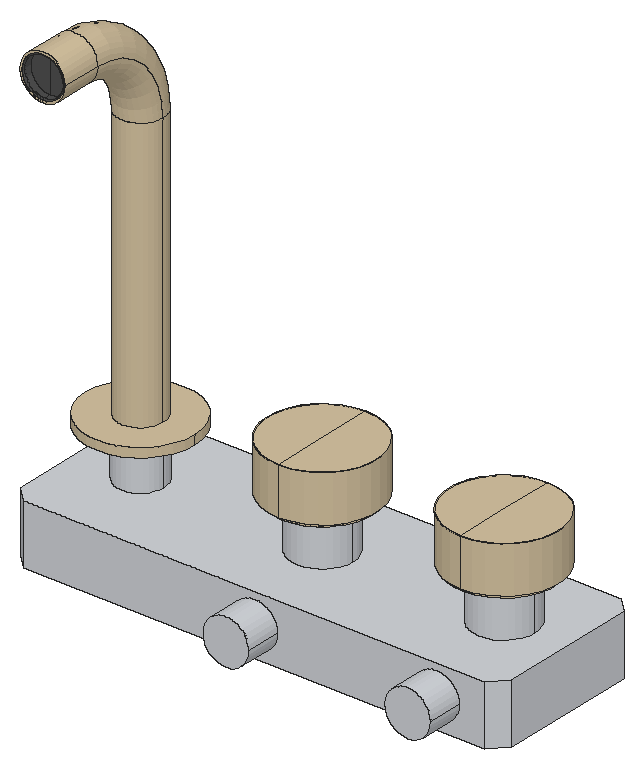
Revit family "Reece_Tap_Milli_Pure_Basin Tap Hostess System_200 mm_Cirque Texture", category Plumbing Fixtures, host Face, Revit 2018
Family settings
  Host = Face
  Round Connector Dimension = Use Diameter
  Part Type = Normal
  Cut with Voids When Loaded = No
  Shared = Yes
  Room Calculation Point = Yes
Parameters (values of type "PVD Brushed Gold")
  WFU = 0  # constant formula
  URL = "https://www.reece.com.au/product/-9510878"
  Type Comments = "Tap"
  Reece_Tap_Reach = 200 mm  # constant formula
  Reece_Tap_Inlet = 15 mm  # constant formula
  Reece_Product_Web Page = "https://www.reece.com.au/product/-9510878"
  Reece_Product_Type = "Tap"  # constant formula
  Reece_Product_Sub Brand = "Pure"  # constant formula
  Reece_Product_Number = "9510878"
  Reece_Product_Mount = "Wall Mounted"
  Reece_Product_Description = "Milli Pure Wall Basin Hostess System 200mm Right Hand with Cirque Textured Handles PVD Brushed Gold (3 Star)"
  Reece_Product_Brand = "Milli"  # constant formula
  Reece_Overall_Length = 212.5 mm  # constant formula
  Reece_Material_Secondary = Reece_PVD_Brushed Gold_Cirque Pattern
  Reece_Material_Main = Reece_PVD_Brushed Gold
  Reece_Detail_Tap_Handle Texture = "Cirque Texture"  # constant formula
  Reece_Detail_Installation = ""
  Reece_Detail_Disclaimer = "THIS FILE IS THE PROPERTY OF THE REECE GROUP. IT MAY NOT BE REPRODUCED, REVERSE-ENGINEERED OR MODIFIED. ANY REPUBLICATION, TRANSMISSION OR DISTRIBUTION FOR THE PURPOSE OF COMMERCIALLY EXPLOITING THE FILES IS PROHIBITED."  # constant formula
  Reece_Detail_Connector = ""
  Reece_Detail_Additional = "Basin Tap Hostess System\r\n"  # constant formula
  Reece_3D Texture = no
  Reece_3D Simplified Geometry = not(Reece_3D Texture)  # yes
  Model = "Pure"
  Manufacturer = "Milli"
  Keynote = "Product #9510878, Reece_Tap_Milli_Pure_Basin Tap Hostess System_200 mm_Cirque Texture - PVD Brushed Gold"
  HWFU = 0  # constant formula
  Disclaimer = "THIS FILE IS THE PROPERTY OF THE REECE GROUP. IT MAY NOT BE REPRODUCED, REVERSE-ENGINEERED OR MODIFIED. ANY REPUBLICATION, TRANSMISSION OR DISTRIBUTION FOR THE PURPOSE OF COMMERCIALLY EXPLOITING THE FILES IS PROHIBITED."  # constant formula
  Description = "Milli Pure Wall Basin Hostess System 200mm Right Hand with Cirque Textured Handles PVD Brushed Gold (3 Star)"
  Default Elevation = 1000 mm
  CWFU = 0  # constant formula
Types (6, lengths in mm): name | URL | Reece_Product_Web Page | Reece_Product_Number | Reece_Product_Description | Reece_Material_Secondary | Reece_Material_Main | Keynote | Description
  Brushed Gunmetal | "https://www.reece.com.au/product/-2224868" | "https://www.reece.com.au/product/-2224868" | "2224868" | "Milli Pure Wall Basin Hostess System 200mm Right Hand with Cirque Textured Handles Brushed Gunmetal (3 star)" | Reece_Brass_Brushed Gunmetal_Cirque Pattern | Reece_Brass_Brushed Gunmetal | "Product #2224868, Reece_Tap_Milli_Pure_Basin Tap Hostess System_200 mm_Cirque Texture - Brushed Gunmetal" | "Milli Pure Wall Basin Hostess System 200mm Right Hand with Cirque Textured Handles Brushed Gunmetal (3 star)"
  Chrome | "https://www.reece.com.au/product/-2224866" | "https://www.reece.com.au/product/-2224866" | "2224866" | "Milli Pure Wall Basin Hostess System 200mm Right Hand with Cirque Textured Handles Chrome (3 star)" | Reece_Brass_Chrome_Cirque Pattern | Reece_Brass_Chrome | "Product #2224866, Reece_Tap_Milli_Pure_Basin Tap Hostess System_200 mm_Cirque Texture - Chrome" | "Milli Pure Wall Basin Hostess System 200mm Right Hand with Cirque Textured Handles Chrome (3 star)"
  Matte Black | "https://www.reece.com.au/product/-2224869" | "https://www.reece.com.au/product/-2224869" | "2224869" | "Milli Pure Wall Basin Hostess System 200mm Right Hand with Cirque Textured Handles Matte Black (3 star)" | Reece_Brass_Matte Black_Cirque Pattern | Reece_Brass_Matte Black | "Product #2224869, Reece_Tap_Milli_Pure_Basin Tap Hostess System_200 mm_Cirque Texture - Matte Black" | "Milli Pure Wall Basin Hostess System 200mm Right Hand with Cirque Textured Handles Matte Black (3 star)"
  Brushed Nickel | "https://www.reece.com.au/product/-2224867" | "https://www.reece.com.au/product/-2224867" | "2224867" | "Milli Pure Wall Basin Hostess System 200mm Right Hand with Cirque Textured Handles Brushed Nickel (3 star)" | Reece_Brass_Brushed Nickel_Cirque Pattern | Reece_Brass_Brushed Nickel | "Product #2224867, Reece_Tap_Milli_Pure_Basin Tap Hostess System_200 mm_Cirque Texture - Brushed Nickel" | "Milli Pure Wall Basin Hostess System 200mm Right Hand with Cirque Textured Handles Brushed Nickel (3 star)"
  PVD Brushed Bronze | "https://www.reece.com.au/product/-9511063" | "https://www.reece.com.au/product/-9511063" | "9511063" | "Milli Pure Wall Basin Hostess System 200mm Right Hand with Cirque Textured Handles PVD Brushed Bronze (3 Star)" | Reece_PVD_Brushed Bronze_Cirque Pattern | Reece_PVD_Brushed Bronze | "Product #9511063, Reece_Tap_Milli_Pure_Basin Tap Hostess System_200 mm_Cirque Texture - PVD Brushed Bronze" | "Milli Pure Wall Basin Hostess System 200mm Right Hand with Cirque Textured Handles PVD Brushed Bronze (3 Star)"
  PVD Brushed Gold | "https://www.reece.com.au/product/-9510878" | "https://www.reece.com.au/product/-9510878" | "9510878" | "Milli Pure Wall Basin Hostess System 200mm Right Hand with Cirque Textured Handles PVD Brushed Gold (3 Star)" | Reece_PVD_Brushed Gold_Cirque Pattern | Reece_PVD_Brushed Gold | "Product #9510878, Reece_Tap_Milli_Pure_Basin Tap Hostess System_200 mm_Cirque Texture - PVD Brushed Gold" | "Milli Pure Wall Basin Hostess System 200mm Right Hand with Cirque Textured Handles PVD Brushed Gold (3 Star)"
Reference planes
  plane 1 "Center (Front/Back)": y = 0
  plane 2 "Bottom": z = 0
  plane 3 "Center (Left/Right)": x = 0
  plane 4 "Top": z = 212.5
  plane 5: z = 200
  plane 6: y = -67
  plane 7: x = -100
  plane 8: x = 100
Forms (mm)
  Extrusion 1, solid, material "Reece_PVD_Brushed Gold" <- "Reece_Material_Main"
    sketch origin (-50, 0, 0) x (1, 0, 0) y (0, 1, 0)
      loop
        circle (-50, 0) r 30
    from 0 to 5
  Extrusion 2, solid, material "Reece_PVD_Brushed Gold" <- "Reece_Material_Main"
    sketch origin (-50, 0, 0) x (1, 0, 0) y (0, 1, 0)
      loop
        circle (50, 0) r 28
    from 1.5 to 0
  Sweep 3, solid, material "Reece_PVD_Brushed Gold" <- "Reece_Material_Main"
    path origin (0, 0, 0) x (0, 1, 0) y (0, 0, 1)
      loop
        line (-67, 200) -> (-45, 200)
        arc (-45, 200) -> (-13.18, 186.82) -> (0, 155) r 45
        line (0, 155) -> (0, 0)
    profile origin (0, 0, 77.5) x (1, 0, 0) y (0, 1, 0)
      loop
        circle (-100, 0) r 12.5
      loop
        circle (-100, 0) r 11.5
  Revolve 4, solid, material "Reece_Brass_Matte Black"
    sketch origin (-100, -183.21, 68.488) x (0, 0.572951, -0.81959) y (0, 0.81959, 0.572951)
      loop
        line (-38.39, 174.619) -> (-37.119, 176.437) -> (-46.38, 182.911) -> (-50.465, 177.068) -> (-49.461, 177.508) -> (-47.184, 180.766) -> (-38.39, 174.619)
      axis (-37.119, 176.437) -> (-41.203, 170.594)
    angle from 0 to 360
  Extrusion 5, solid
    sketch origin (0, 0, 0) x (1, 0, 0) y (0, 1, 0)
      loop
        line (-126.853, 46.5) -> (-135, 38.353) -> (-135, -38.353) -> (-126.853, -46.5) -> (126.853, -46.5) -> (135, -38.353) -> (135, 38.353) -> (126.853, 46.5) -> (-126.853, 46.5)
    from -60 to -27
  Extrusion 6, solid
    sketch origin (50, 0, -3.5) x (-1, 0, 0) y (0, 0, 1)
      loop
        circle (50, -40) r 12.5
    from -66.119 to -46.5
  Extrusion 7, solid
    sketch origin (150, 0, -3.5) x (-1, 0, 0) y (0, 0, 1)
      loop
        circle (50, -40) r 12.5
    from -66.119 to -46.5
  Extrusion 8, void
    sketch origin (-150, 0, 0) x (1, 0, 0) y (0, 1, 0)
      loop
        circle (50, 0) r 17
    from 0 to -27
  Extrusion 9, void
    sketch origin (50, 0, 0) x (-1, 0, 0) y (0, -1, 0)
      loop
        circle (50, 0) r 20
    from 0 to -27
  Extrusion 10, void
    sketch origin (150, 0, 0) x (-1, 0, 0) y (0, -1, 0)
      loop
        circle (50, 0) r 20
    from 0 to -27
  Extrusion 11, solid
    sketch origin (-50, 0, 0) x (1, 0, 0) y (0, 1, 0)
      loop
        circle (50, 0) r 17
    from 0 to -27
  Extrusion 12, solid
    sketch origin (-150, 0, 0) x (1, 0, 0) y (0, 1, 0)
      loop
        circle (50, 0) r 13
    from 0 to -27
  Extrusion 13, solid
    sketch origin (50, 0, 0) x (1, 0, 0) y (0, 1, 0)
      loop
        circle (50, 0) r 17
    from 0 to -27
Cuts and joins
  Extrusion 8 cuts Extrusion 1
  Extrusion 8 cuts Sweep 3
  joined: Extrusion 1, Sweep 3
  Extrusion 8, Extrusion 9, Extrusion 10 cuts Extrusion 5
  Extrusion 8, Extrusion 9, Extrusion 10 cuts Extrusion 6
  Extrusion 8, Extrusion 9, Extrusion 10 cuts Extrusion 7
  joined: Extrusion 5, Extrusion 6, Extrusion 7, Extrusion 11, Extrusion 12, Extrusion 13
  Extrusion 9 cuts Extrusion 2
Text (mm)
  text "Reece Copyright © 2018, Reece Ltd." at (-1082.268, -262.978, 0), in view "Ref. Level"
  text "Reece ©" at (44.384, 258.95, 192.345), in view "Reece Preview"
Dimensions and locks
  "Reece_Tap_Reach": plane 5 to plane 2 "Bottom"
  plane 1 "Center (Front/Back)" to plane 6 = 67 mm
  locked: plane 4 "Top" to plane 5 at 12.5
  "Reece_Overall_Length": plane 4 "Top" to plane 2 "Bottom"
  plane 7 to plane 3 "Center (Left/Right)" to plane 8 = 100 mm, 100 mm
  aligned and locked: plane 2 "Bottom" to host face
  aligned and locked: level to host face
Automatic sketch dimensions
  host sketch curve to host sketch curve = 380.785 mm
  host sketch curve to host sketch curve = 317.421 mm
  plane 1 "Center (Front/Back)" to Extrusion 1 sketch curve = 0 mm
  Extrusion 1 sketch curve to plane 3 "Center (Left/Right)" = 100 mm
  plane 1 "Center (Front/Back)" to Extrusion 2 sketch curve = 0 mm
  plane 3 "Center (Left/Right)" to Extrusion 2 sketch curve = 0 mm
  Sweep 3 sketch curve to plane 5 = 0 mm
  Sweep 3 sketch curve to plane 6 = 0 mm
  level to Sweep 3 sketch curve = 0 mm
  Sweep 3 sketch curve to plane 1 "Center (Front/Back)" = 0 mm
  Sweep 3 sketch curve to plane 6 = 22 mm
  Sweep 3 sketch curve to Sweep 3 sketch curve = 0 mm  (x2)
  profile plane to Sweep 3 sketch curve = 0 mm
  Sweep 3 sketch curve to plane 3 "Center (Left/Right)" = 100 mm
  Revolve 4 sketch curve to plane 5 = 0 mm  (x4)
  Revolve 4 sketch curve to plane 6 = 0 mm
  Revolve 4 sketch curve to plane 4 "Top" = 1.2 mm
  Revolve 4 sketch curve to Revolve 4 sketch curve = 1.003 mm
  Revolve 4 sketch curve to Revolve 4 sketch curve = 2.278 mm
  Revolve 4 sketch curve to Revolve 4 sketch curve = 0.803 mm
  Revolve 4 sketch curve to Revolve 4 sketch curve = 1.271 mm
  Revolve 4 sketch curve to Revolve 4 sketch curve = 17.422 mm
  Revolve 4 sketch curve to Revolve 4 sketch curve = 3.892 mm
  Extrusion 5 sketch curve to Extrusion 5 sketch curve = 8.147 mm  (x7)
  Extrusion 5 sketch curve to plane 1 "Center (Front/Back)" = 46.5 mm
  Extrusion 5 sketch curve to plane 3 "Center (Left/Right)" = 126.853 mm
  Extrusion 5 sketch curve to plane 6 = 20.5 mm
  Extrusion 5 sketch curve to Extrusion 5 sketch curve = 0 mm
  plane 3 "Center (Left/Right)" to Extrusion 5 sketch curve = 126.853 mm
  Extrusion 6 sketch curve to plane 3 "Center (Left/Right)" = 0 mm
  Extrusion 6 sketch curve to level = 43.5 mm
  Extrusion 7 sketch curve to level = 43.5 mm
  plane 3 "Center (Left/Right)" to Extrusion 7 sketch curve = 100 mm
  Extrusion 8 sketch curve to Extrusion 8 sketch curve = 0 mm  (x2)
  plane 1 "Center (Front/Back)" to Extrusion 8 sketch curve = 0 mm
  Extrusion 8 sketch curve to plane 7 = 0 mm
  Extrusion 8 sketch curve to plane 7 = 17 mm
  Extrusion 9 sketch curve to Extrusion 9 sketch curve = 0 mm  (x2)
  plane 1 "Center (Front/Back)" to Extrusion 9 sketch curve = 0 mm
  Extrusion 9 sketch curve to plane 3 "Center (Left/Right)" = 0 mm
  Extrusion 9 sketch curve to plane 3 "Center (Left/Right)" = 20 mm
  Extrusion 10 sketch curve to Extrusion 10 sketch curve = 0 mm  (x2)
  plane 1 "Center (Front/Back)" to Extrusion 10 sketch curve = 0 mm
  Extrusion 10 sketch curve to plane 8 = 0 mm
  plane 8 to Extrusion 10 sketch curve = 20 mm
  Extrusion 11 sketch curve to Extrusion 11 sketch curve = 0 mm  (x2)
  plane 1 "Center (Front/Back)" to Extrusion 11 sketch curve = 0 mm
  Extrusion 11 sketch curve to plane 3 "Center (Left/Right)" = 0 mm
  Extrusion 11 sketch curve to Extrusion 11 sketch curve = 17 mm
  Extrusion 12 sketch curve to Extrusion 12 sketch curve = 0 mm  (x2)
  plane 1 "Center (Front/Back)" to Extrusion 12 sketch curve = 0 mm
  Extrusion 12 sketch curve to plane 7 = 0 mm
  Extrusion 12 sketch curve to plane 7 = 13 mm
  Extrusion 13 sketch curve to Extrusion 13 sketch curve = 0 mm  (x2)
  plane 1 "Center (Front/Back)" to Extrusion 13 sketch curve = 0 mm
  Extrusion 13 sketch curve to plane 8 = 0 mm
  Extrusion 13 sketch curve to Extrusion 13 sketch curve = 17 mm
  radius of Extrusion 1 sketch curve = 30 mm
  radius of Extrusion 2 sketch curve = 28 mm
  radius of Sweep 3 sketch curve = 12.5 mm
  radius of Sweep 3 sketch curve = 11.5 mm
  radius of Extrusion 6 sketch curve = 12.5 mm
  radius of Extrusion 7 sketch curve = 12.5 mm
Nested families
  nested 1: "Reece_Tap_Milli_Pure_Cap_Cirque Texture_3D" at (0, 0, 0), visible <- "Reece_3D Texture", Reece_Material_Main <- "Reece_Material_Main", Reece_Material_Secondary <- "Reece_Material_Secondary", type "60mm x 28mm"
    with Reece_Material_Secondary Reece_PVD_Brushed Gold_Cirque Pattern, Reece_Material_Main Reece_PVD_Brushed Gold
  nested 2: "Reece_Tap_Milli_Pure_Cap_Main_2D" at (0, 0, 0), visible <- "Reece_3D Simplified Geometry", Reece_Material_Main <- "Reece_Material_Main", Reece_Material_Secondary <- "Reece_Material_Secondary", type "60mm x 28mm"
    with Reece_Material_Secondary Reece_PVD_Brushed Gold_Cirque Pattern, Reece_Material_Main Reece_PVD_Brushed Gold, Reece_Overall_Height 28 mm
  nested 3: "Reece_Tap_Milli_Pure_Cap_Cirque Texture_3D" at (100, 0, 0), visible <- "Reece_3D Texture", Reece_Material_Main <- "Reece_Material_Main", Reece_Material_Secondary <- "Reece_Material_Secondary", type "60mm x 28mm"
    with Reece_Material_Secondary Reece_PVD_Brushed Gold_Cirque Pattern, Reece_Material_Main Reece_PVD_Brushed Gold
  nested 4: "Reece_Tap_Milli_Pure_Cap_Main_2D" at (100, 0, 0), visible <- "Reece_3D Simplified Geometry", Reece_Material_Main <- "Reece_Material_Main", Reece_Material_Secondary <- "Reece_Material_Secondary", type "60mm x 28mm"
    with Reece_Material_Secondary Reece_PVD_Brushed Gold_Cirque Pattern, Reece_Material_Main Reece_PVD_Brushed Gold, Reece_Overall_Height 28 mm
Connectors
  piping at (0, -66.119, -43.5), diameter 15, driven by "Reece_Tap_Inlet"
    settings: on cut or joined group 1 (Extrusion 5, Extrusion 6, Extrusion 7, Extrusion 8, Extrusion 9, Extrusion 10, Extrusion 11, Extrusion 12, Extrusion 13), index 1, connector inside diameter 609.6 mm, connector length 0 mm, flow factor 0, pipe flow 0.0 L/s, pressure drop 0.0 Pa, fitting loss kfactor 0, connector angle 0.00°, fixture units 0, engagement length 0 mm, angle of deflection 0.00°, flow configuration 0, flow direction 1, fitting loss method 0, system type 29, joint type 0, gender type 0, connector reference index -1, connector utility 0, adjustable connector no, is connector primary yes, connector description ""
  piping at (100, -66.119, -43.5), diameter 15, driven by "Reece_Tap_Inlet"
    settings: on cut or joined group 1, index 2, connector inside diameter 609.6 mm, connector length 0 mm, flow factor 0, pipe flow 0.0 L/s, pressure drop 0.0 Pa, fitting loss kfactor 0, connector angle 0.00°, fixture units 0, engagement length 0 mm, angle of deflection 0.00°, flow configuration 0, flow direction 1, fitting loss method 0, system type 29, joint type 0, gender type 0, connector reference index -1, connector utility 0, adjustable connector no, is connector primary no, connector description ""
Definition of nested family "Reece_Tap_Milli_Pure_Cap_Cirque Texture_3D"
  Parameters (values of type "62mm x 30mm")
    WFU = 0  # constant formula
    Reece_Overall_Length = 62 mm
    Reece_Overall_Height = 30 mm
    Reece_Material_Secondary [instance] = none
    Reece_Material_Main [instance] = none
    Reece_Detail_Installation = ""
    Reece_Detail_Connector = ""
    Reece_Detail_Additional = ""
    HWFU = 0  # constant formula
    Default Elevation = 1000 mm
    CWFU = 0  # constant formula
  Types (5, lengths in mm): name | Reece_Overall_Length | Reece_Overall_Height
    (no name) | 62 | 30
    54mm x 30mm | 54 | 30
    62mm x 30mm | 62 | 30
    60mm x 28mm | 60 | 28
    60mm x 26mm | 60 | 26
  Reference planes
    plane 1 "Center (Front/Back)": y = 0
    plane 2 "Bottom": z = 0
    plane 3 "Center (Left/Right)": x = 0
    plane 4: y = -31
    plane 5: y = 31
    plane 6: z = 30
    plane 7: y = 29
    plane 8: z = 28.097
  Forms (mm)
    Extrusion 1, solid
      sketch origin (619.2, -619.2, 0) x (1, 0, 0) y (0, 1, 0)
        loop
          line (-809.2, 779.2) -> (-809.2, 461.779) -> (-428.415, 461.779) -> (-428.415, 779.2) -> (-809.2, 779.2)
      from 0 to -9.564
    Revolve 2, solid, material <- "Reece_Material_Main"
      sketch origin (0, 0, -140.292) x (0, 1, 0) y (0, 0, 1)
        loop
          line (0, 170.292) -> (-31, 170.292) -> (-31, 168.388)
          arc (-31, 168.388) -> (-30.55, 167.938) -> (-31, 167.488) r 0.45
          line (-31, 167.488) -> (-31, 166.322)
          arc (-31, 166.322) -> (-30.55, 165.872) -> (-31, 165.422) r 0.45
          line (-31, 165.422) -> (-31, 164.503)
          arc (-31, 164.503) -> (-30.55, 164.053) -> (-31, 163.603) r 0.45
          line (-31, 163.603) -> (-31, 162.603)
          arc (-31, 162.603) -> (-30.55, 162.153) -> (-31, 161.703) r 0.45
          line (-31, 161.703) -> (-31, 160.703)
          arc (-31, 160.703) -> (-30.55, 160.253) -> (-31, 159.803) r 0.45
          line (-31, 159.803) -> (-31, 158.926)
          arc (-31, 158.926) -> (-30.55, 158.476) -> (-31, 158.026) r 0.45
          line (-31, 158.026) -> (-31, 156.891)
          arc (-31, 156.891) -> (-30.55, 156.441) -> (-31, 155.991) r 0.45
          line (-31, 155.991) -> (-31, 155.011)
          arc (-31, 155.011) -> (-30.55, 154.561) -> (-31, 154.111) r 0.45
          line (-31, 154.111) -> (-31, 153.103)
          arc (-31, 153.103) -> (-30.55, 152.653) -> (-31, 152.203) r 0.45
          line (-31, 152.203) -> (-31, 151.092)
          arc (-31, 151.092) -> (-30.55, 150.642) -> (-31, 150.192) r 0.45
          line (-31, 150.192) -> (-31, 149.192)
          arc (-31, 149.192) -> (-30.55, 148.742) -> (-31, 148.292) r 0.45
          line (-31, 148.292) -> (-31, 142.292) -> (-29, 142.292) -> (-29, 140.292) -> (-27, 140.292) -> (-27, 166.803) -> (0, 166.803) -> (0, 170.292)
        axis (0, 140.292) -> (0, 170.292)
      angle from 0 to 360
  Text (mm)
    text "Reece Copyright © 2018, Reece Ltd." at (-1403.988, -1192.393, 0), in view "Ref. Level"
    text "Reece ©" at (44.384, 258.95, 192.345), in view "Reece Preview"
  Dimensions and locks
    equal spacing: plane 5, plane 1 "Center (Front/Back)", plane 4
    "Reece_Overall_Length": plane 5 to plane 4
    "Reece_Overall_Height": plane 6 to plane 2 "Bottom"
    locked: plane 5 to plane 7 at 2
    locked: plane 8 to plane 6 at 1.903
    aligned and locked: plane 2 "Bottom" to Extrusion 1
    aligned and locked: level to Extrusion 1
    aligned and locked: plane 6 to Revolve 2 sketch curve  (x2)
    aligned and locked: plane 8 to Revolve 2 sketch curve
  Automatic sketch dimensions
    Extrusion 1 sketch curve to Extrusion 1 sketch curve = 380.785 mm
    Extrusion 1 sketch curve to Extrusion 1 sketch curve = 317.421 mm
    Revolve 2 sketch curve to plane 4 = 0 mm
    level to Revolve 2 sketch curve = 0 mm
    Revolve 2 sketch curve to plane 1 "Center (Front/Back)" = 0 mm  (x2)
    level to Revolve 2 sketch curve = 2 mm
    Revolve 2 sketch curve to Revolve 2 sketch curve = 0.45 mm  (x11)
    Revolve 2 sketch curve to Revolve 2 sketch curve = 1 mm  (x3)
    Revolve 2 sketch curve to Revolve 2 sketch curve = 1.111 mm
    Revolve 2 sketch curve to Revolve 2 sketch curve = 1.458 mm
    Revolve 2 sketch curve to Revolve 2 sketch curve = 0.979 mm
    Revolve 2 sketch curve to Revolve 2 sketch curve = 1.135 mm
    Revolve 2 sketch curve to Revolve 2 sketch curve = 0.877 mm
    Revolve 2 sketch curve to Revolve 2 sketch curve = 0.919 mm
    Revolve 2 sketch curve to plane 6 = 3.489 mm
    Revolve 2 sketch curve to Revolve 2 sketch curve = 1.166 mm
    Revolve 2 sketch curve to Revolve 2 sketch curve = 17.996 mm
    Revolve 2 sketch curve to Revolve 2 sketch curve = 3.712 mm
    plane 4 to Revolve 2 sketch curve = 2 mm
    plane 4 to Revolve 2 sketch curve = 4 mm
Definition of nested family "Reece_Tap_Milli_Pure_Cap_Main_2D"
  Parameters (values of type "60mm x 26mm")
    WFU = 0  # constant formula
    Reece_Overall_Width = 60 mm
    Reece_Overall_Height = 26 mm
    Reece_Material_Secondary [instance] = none
    Reece_Material_Main [instance] = none
    Reece_Detail_Installation = ""
    Reece_Detail_Connector = ""
    Reece_Detail_Additional = ""
    HWFU = 0  # constant formula
    Default Elevation = 1000 mm
    CWFU = 0  # constant formula
  Reference planes
    plane 1 "Center (Front/Back)": y = 0
    plane 2 "Bottom": z = 0
    plane 3 "Center (Left/Right)": x = 0
    plane 4: y = -30
    plane 5: y = 30
    plane 6: z = 26
    plane 7: y = -28
    plane 8: y = 28
    plane 9: z = 14
    plane 10: z = 2
  Forms (mm)
    Extrusion 1, solid
      sketch origin (619.2, -619.2, 0) x (1, 0, 0) y (0, 1, 0)
        loop
          line (-809.2, 779.2) -> (-809.2, 461.779) -> (-428.415, 461.779) -> (-428.415, 779.2) -> (-809.2, 779.2)
      from 0 to -9.564
    Revolve 2, solid, material <- "Reece_Material_Secondary"
      sketch origin (0, 50, 0) x (0, -1, 0) y (0, 0, 1)
        loop
          line (50, 0) -> (78, 0) -> (78, 2) -> (80, 2) -> (80, 26) -> (78, 24) -> (50, 24) -> (50, 0)
        axis (50, 0) -> (50, 26)
      angle from 0 to 360
    Revolve 3, solid, material <- "Reece_Material_Main"
      sketch origin (0, 50, 0) x (0, -1, 0) y (0, 0, 1)
        loop
          line (80, 26) -> (50, 26) -> (50, 24) -> (78, 24) -> (80, 26)
        axis (50, 24) -> (50, 26)
      angle from 0 to 360
  Text (mm)
    text "Reece Copyright © 2018, Reece Ltd." at (-1403.988, -1192.393, 0), in view "Ref. Level"
    text "Reece ©" at (44.384, 258.95, 192.345), in view "Reece Preview"
  Dimensions and locks
    equal spacing: plane 5, plane 1 "Center (Front/Back)", plane 4
    "Reece_Overall_Width": plane 5 to plane 4
    "Reece_Overall_Height": plane 6 to plane 2 "Bottom"
    locked: plane 7 to plane 4 at 2
    locked: plane 5 to plane 8 at 2
    equal spacing: plane 6, plane 9, plane 10
    locked: plane 10 to plane 2 "Bottom" at 2
    aligned and locked: plane 2 "Bottom" to Extrusion 1
    aligned and locked: level to Extrusion 1
    aligned and locked: plane 7 to Revolve 2 sketch curve
  Automatic sketch dimensions
    Extrusion 1 sketch curve to Extrusion 1 sketch curve = 380.785 mm
    Extrusion 1 sketch curve to Extrusion 1 sketch curve = 317.421 mm
    Revolve 2 sketch curve to plane 1 "Center (Front/Back)" = 0 mm  (x2)
    Revolve 2 sketch curve to level = 0 mm
    Revolve 2 sketch curve to plane 7 = 0 mm
    Revolve 2 sketch curve to plane 4 = 0 mm
    Revolve 2 sketch curve to plane 6 = 0 mm  (x2)
    level to Revolve 2 sketch curve = 2 mm
    Revolve 2 sketch curve to plane 6 = 2 mm
    Revolve 2 sketch curve to Revolve 2 sketch curve = 10 mm
    Revolve 3 sketch curve to plane 1 "Center (Front/Back)" = 0 mm  (x2)
    Revolve 3 sketch curve to plane 7 = 0 mm
    Revolve 3 sketch curve to plane 4 = 0 mm
    Revolve 3 sketch curve to plane 6 = 0 mm  (x2)
    Revolve 3 sketch curve to plane 6 = 2 mm
    Revolve 3 sketch curve to Revolve 3 sketch curve = 10 mm
